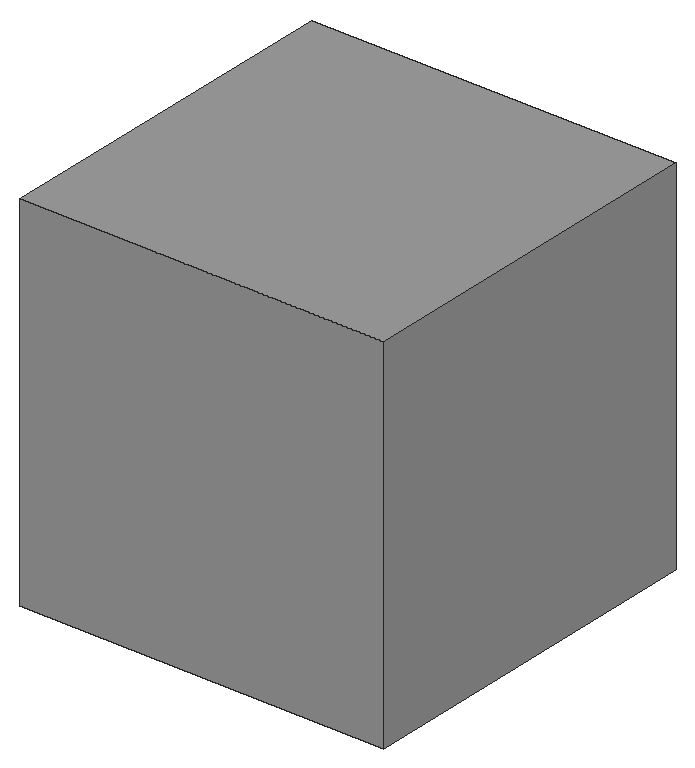
Revit family "小黄", category 常规模型, Revit 2018
Family settings
  可将钢筋附着到主体 = 否
  圆形连接件大小 = 使用直径
  零件类型 = 标准
  基于工作平面 = 否
  总是垂直 = 是
  加载时剪切的空心 = 否
  共享 = 否
  房间计算点 = 否
Reference planes
  plane 1 "中心(前/后)": y = 0
  plane 2: z = 0
  plane 3 "中心(左/右)": x = 0
Forms (mm)
  Extrusion 1, solid, material "小黄"
    sketch origin (0, 0, 0) x (1, 0, 0) y (0, 1, 0)
      loop
        line (0, 0) -> (1000, 0) -> (1000, 1000) -> (0, 1000) -> (0, 0)
    from 0 to 1000
Dimensions and locks
  aligned and locked: level to plane 2
